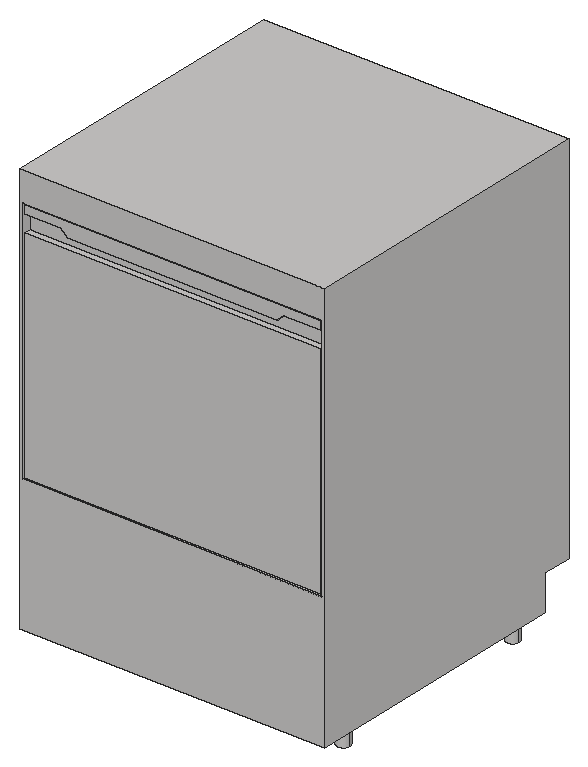
Revit family "QF_ELECTROLUXPROFESSIONAL_520486_EUC40GTL6", category Specialty Equipment, Revit 2018
Family settings
  Round Connector Dimension = Use Diameter
  Part Type = Normal
  Work Plane-Based = No
  Always vertical = Yes
  Cut with Voids When Loaded = No
  Shared = No
  Room Calculation Point = No
Parameters (values of type "Standard")
  Weight = 60.00 kg
  Watts = 0 W
  Volts = 400 V
  URL Manufacturer = "http://professional.electrolux.com"
  URL = "http://professional.electrolux.com"
  Steam Supply Size = 0 mm
  Steam Supply Minimum Pressure = 0.0 Pa
  Steam Supply Maximum Pressure = 0.0 Pa
  Steam Pounds per Hour = 0
  Show Logo [instance] = yes
  Show Clearance [instance] = yes
  Refrigeration Suction Line Size = 0 mm
  Refrigeration Liquid Line Size = 0 mm
  Refrigerant Compressor Remote = yes
  Manufacturer = "Electrolux Professional"
  Phase = 3
  Model = "EUC40GTL6"
  Length Actual = 600 mm  # constant formula
  Item Number = "520486"
  Hot Water Size = 19.05 mm
  Height Actual = 840 mm  # constant formula
  HP = "9.5 HP"
  Gas Size = 0 mm
  Gas KW = 0
  Gas Input Pressure = 0 W
  Direct Waste Size = 22 mm
  Description = "UNDERCOUNTER DW+DOUBLE S+DRAIN P+DET DISP,THERMAL LABEL,40R/H,400V,60Hz"
  Depth Actual = 600 mm  # constant formula
  Cycle = 60 Hz
  Condensate Return Size = 0 mm
  Compressed Air Volume = 0.0 L/s
  Compressed Air Size = 0 mm
  Compressed Air Pressure = 0.0 Pa
  Cold Water Size = 0 mm
  Accessory = yes
Types (2, lengths in mm): name | URL | Manufacturer | Phase | Model | Hot Water Size | Description
  (no name) | "http://professional.electrolux.com/" | 0 | 0 | 0 | 0 | 0
  Standard | "http://professional.electrolux.com" | "Electrolux Professional" | 3 | "EUC40GTL6" | 19.05 | "UNDERCOUNTER DW+DOUBLE S+DRAIN P+DET DISP,THERMAL LABEL,40R/H,400V,60Hz"
Values of the unnamed type that differ from the named types
  Volts = 0 V
  URL Manufacturer = ""
  Item Number = ""
  Cycle = 0 Hz
Reference planes
  plane 1 "Center (Front/Back)": y = 0
  plane 2: z = 0
  plane 3 "Center (Left/Right)": x = 0
  plane 4 "LEFT": x = -300
  plane 5 "RIGHT": x = 300
  plane 6 "FRONT": y = -300
  plane 7 "BACK": y = 300
  plane 8: x = -202.5
  plane 9: x = 202.5
  plane 10: z = 840
  plane 11: z = 30
Forms (mm)
  Extrusion 1, solid, material "QF_Finishes_Stainless Steel"
    sketch origin (0, 0, 0) x (1, 0, 0) y (0, 1, 0)
      loop
        line (-300, -300) -> (300, -300) -> (300, 242) -> (-300, 242) -> (-300, -300)
    from 30 to 840
  Extrusion 2, solid, material "QF_Finishes_Stainless Steel"
    sketch origin (0, 0, 0) x (1, 0, 0) y (0, 1, 0)
      loop
        line (-300, 242) -> (300, 242) -> (300, 300) -> (-300, 300) -> (-300, 242)
    from 100 to 840
  Extrusion 3, solid, material "QF_Finishes_Stainless Steel"
    sketch origin (0, 17.5, 0) x (1, 0, 0) y (0, 1, 0)
      loop
        circle (-280.5, 169.5) r 12.5
      loop
        circle (280.5, 169.5) r 12.5
      loop
        circle (-280.5, -247.5) r 12.5
      loop
        circle (280.5, -247.5) r 12.5
    from 0 to 30
  Extrusion 4, void
    sketch origin (-300, -300, 0) x (-1, 0, 0) y (0, 0, 1)
      loop
        line (-5, 783.217) -> (-595, 783.217) -> (-595, 295) -> (-5, 295) -> (-5, 783.217)
    from 0 to 30
  Extrusion 5, solid, material "QF_Finishes_Stainless Steel"
    sketch origin (-338, -392, 768) x (0, 0, -1) y (1, 0, 0)
      loop
        circle (693, 143) r 10
    from -634 to -692
  Extrusion 6, solid, material "QF_Door-Drawer Clearances", visible <- "Show Clearance", detail levels coarse
    sketch origin (-230, -282.5, 0) x (0, 1, 0) y (0, 0, -1)
      loop
        line (-17.5, -298.306) -> (-349.5, -298.306)
        arc (-349.5, -298.306) -> (-261.994, -593.254) -> (-17.5, -780) r 496.43
        line (-17.5, -780) -> (-17.5, -298.306)
    from 61.197 to -521.306
  Extrusion 7, solid, material "QF_Finishes_Stainless Steel"
    sketch origin (-257.481, -392, 738) x (0, 0, -1) y (1, 0, 0)
      loop
        circle (663, 252.481) r 8
    from -634 to -692
  Extrusion 8, solid, material "QF_Finishes_Stainless Steel"
    sketch origin (-230, -282.5, 0) x (0, 1, 0) y (0, 0, -1)
      loop
        line (-17.5, -298.306) -> (-17.5, -730) -> (-2.5, -730) -> (-2.5, -780) -> (7.5, -780) -> (7.5, -298.306) -> (-17.5, -298.306)
    from 61.197 to -521.306
  Extrusion 9, solid, material "QF_Finishes_Stainless Steel"
    sketch origin (-230, -282.5, 0) x (0, 1, 0) y (0, 0, -1)
      loop
        line (-2.5, -780) -> (-2.5, -777.514) -> (-15, -777.514) -> (-15, -751.25) -> (-17.5, -751.25) -> (-17.5, -780) -> (-2.5, -780)
    from 61.197 to -521.306
  Extrusion 10, void
    sketch origin (-230, -300, 780) x (0, 0, 1) y (1, 0, 0)
      loop
        line (-15.552, -61.197) -> (-15.552, 10.409) -> (-28.75, 23.607) -> (-28.75, -61.197) -> (-15.552, -61.197)
      loop
        line (-15.552, 521.306) -> (-28.75, 521.306) -> (-28.75, 436.502) -> (-15.552, 449.7) -> (-15.552, 521.306)
    from 0 to 2.5
  Extrusion 11, solid, material "QF_Finishes_Stainless Steel"
    sketch origin (-247, 934.79, 763.79) x (0, -1, 0) y (1, 0, 0)
      loop
        circle (663, 158) r 8
    from -663.79 to -673.79
Cuts and joins
  Extrusion 4 cuts Extrusion 1
  joined: Extrusion 1, Extrusion 2
  Extrusion 10 cuts Extrusion 8
  Extrusion 10 cuts Extrusion 9
Lines and regions (mm)
  Split face 1
    outline origin (-300, -300, 840) x (0, 0, -1) y (1, 0, 0)
      loop
        line (56.783, 5) -> (42.5, 5) -> (42.5, 67.5) -> (49.142, 74.142) -> (49.142, 525.858) -> (42.5, 532.5) -> (42.5, 595) -> (56.783, 595)
  Split face 2
    outline origin (-300, -300, 840) x (0, 0, -1) y (1, 0, 0)
      loop
        line (42.5, 5) -> (5, 5) -> (5, 595) -> (42.5, 595)
  Split face 3
    outline origin (-300, -300, 840) x (0, 0, -1) y (1, 0, 0)
      loop
        line (27.829, 193.044) -> (39.683, 193.044) -> (39.683, 218.044) -> (27.829, 218.044) -> (27.829, 193.044)
  Split face 4
    outline origin (-300, -300, 840) x (0, 0, -1) y (1, 0, 0)
      loop
        line (14.043, 193.044) -> (25.897, 193.044) -> (25.897, 218.044) -> (14.043, 218.044) -> (14.043, 193.044)
  symbolic lines
    curve 1: line (-300, 300, 0) -> (300, 300, 0)
    curve 2: line (-300, -300, 0) -> (-300, 300, 0)
    curve 3: line (300, -300, 0) -> (-300, -300, 0)
    curve 4: line (300, 300, 0) -> (300, -300, 0)
  symbolic lines, style "QF_Door-Drawer Clearances"
    curve 5: line (-291.197, -632, 0) -> (291.306, -632, 0)
    curve 6: line (291.306, -632, 0) -> (291.306, -300, 0)
    curve 7: line (-291.197, -632, 0) -> (-291.197, -300, 0)
  symbolic lines, style "SpecialityEquipmentHiddenLines"
    curve 8: line (-300, 242, 0) -> (300, 242, 0)
Dimensions and locks
  equal spacing: plane 4 "LEFT", plane 3 "Center (Left/Right)", plane 5 "RIGHT"
  equal spacing: plane 7 "BACK", plane 1 "Center (Front/Back)", plane 6 "FRONT"
  plane 7 "BACK" to plane 6 "FRONT" = 600 mm
  plane 4 "LEFT" to plane 5 "RIGHT" = 600 mm
  plane 4 "LEFT" to plane 8 = 97.5 mm
  plane 9 to plane 5 "RIGHT" = 97.5 mm
  locked: plane 11 to level at 30
  plane 4 "LEFT" to plane 3 "Center (Left/Right)" = 300 mm
  plane 10 to level = 840 mm  (x2)
  plane 8 to plane 9 = 405 mm
  Extrusion 11 sketch curve to plane 4 "LEFT" = 211 mm
  level to Extrusion 5 sketch curve = 75 mm
  Extrusion 5 sketch curve to plane 4 "LEFT" = 105 mm
  Extrusion 7 sketch curve to plane 4 "LEFT" = 295 mm
  level to Extrusion 7 sketch curve = 75 mm
  Extrusion 3 to cut or joined group of Extrusion 1, Extrusion 2, Extrusion 4 = 113 mm
  Extrusion 3 to Extrusion 3 = 417 mm
  plane 6 "FRONT" to Extrusion 3 = 70 mm
  plane 9 to plane 8 = 405 mm
  plane 7 "BACK" to curve 5 = 932 mm
  cut or joined group of Extrusion 8, Extrusion 10 to cut or joined group of Extrusion 1, Extrusion 2, Extrusion 4 = 435 mm
  aligned and locked: level to plane 2
  aligned and locked: Extrusion 1 sketch curve to plane 6 "FRONT"
  aligned and locked: Extrusion 1 sketch curve to plane 4 "LEFT"
  aligned and locked: plane 5 "RIGHT" to Extrusion 1 sketch curve
  aligned and locked: Extrusion 1 to plane 11
  aligned and locked: Extrusion 2 sketch curve to Extrusion 1  (x2)
  aligned and locked: plane 5 "RIGHT" to Extrusion 2 sketch curve
  aligned and locked: plane 11 to Extrusion 3
  aligned and locked: cut or joined group of Extrusion 9, Extrusion 10 to Extrusion 10
  aligned and locked: plane 7 "BACK" to Extrusion 2
Automatic sketch dimensions
  Extrusion 1 sketch curve to plane 7 "BACK" = 58 mm
  Extrusion 3 sketch curve to plane 8 = 78 mm  (x2)
  plane 9 to Extrusion 3 sketch curve = 78 mm  (x2)
  plane 6 "FRONT" to Extrusion 3 sketch curve = 70 mm  (x2)
  Extrusion 3 sketch curve to plane 7 "BACK" = 113 mm  (x2)
  Extrusion 4 sketch curve to Extrusion 1 = 5 mm  (x2)
  Extrusion 4 sketch curve to Extrusion 1 = 265 mm
  Extrusion 4 sketch curve to Extrusion 1 = 56.783 mm
  Extrusion 8 sketch curve to plane 6 "FRONT" = 0 mm
  plane 6 "FRONT" to Extrusion 8 sketch curve = 15 mm
  Extrusion 8 sketch curve to Extrusion 8 sketch curve = 25 mm
  Extrusion 8 sketch curve to plane 10 = 60 mm
  Extrusion 8 sketch curve to Extrusion 8 sketch curve = 50 mm
  Extrusion 8 sketch curve to Extrusion 8 sketch curve = 431.694 mm
  Extrusion 9 sketch curve to plane 6 "FRONT" = 0 mm
  Extrusion 9 sketch curve to Extrusion 9 sketch curve = 2.5 mm
  Extrusion 9 sketch curve to Extrusion 9 sketch curve = 12.5 mm
  Extrusion 9 sketch curve to plane 10 = 60 mm
  Extrusion 9 sketch curve to Extrusion 9 sketch curve = 2.486 mm
  Extrusion 9 sketch curve to Extrusion 9 sketch curve = 26.264 mm
  Extrusion 10 sketch curve to Extrusion 9 = 0 mm  (x3)
  Extrusion 9 to Extrusion 10 sketch curve = 0 mm
  Extrusion 10 sketch curve to Extrusion 9 = 13.198 mm  (x2)
  Extrusion 10 sketch curve to Extrusion 9 = 71.607 mm
  Extrusion 10 sketch curve to Extrusion 10 sketch curve = 13.198 mm  (x2)
  Extrusion 10 sketch curve to Extrusion 9 = 84.804 mm
  Split face 1 sketch curve to cut or joined group of Extrusion 1, Extrusion 2, Extrusion 4 = 0 mm  (x4)
  cut or joined group of Extrusion 1, Extrusion 2, Extrusion 4 to Split face 1 sketch curve = 7.641 mm
  Split face 1 sketch curve to Split face 1 sketch curve = 6.642 mm  (x4)
  Split face 1 sketch curve to Split face 1 sketch curve = 62.5 mm
  Split face 1 sketch curve to cut or joined group of Extrusion 1, Extrusion 2, Extrusion 4 = 69.142 mm
  Split face 2 sketch curve to cut or joined group of Extrusion 1, Extrusion 2, Extrusion 4 = 0 mm  (x2)
  Split face 2 sketch curve to cut or joined group of Extrusion 1, Extrusion 2, Extrusion 4 = 5 mm
  cut or joined group of Extrusion 1, Extrusion 2, Extrusion 4 to Split face 2 sketch curve = 14.283 mm  (x2)
  Extrusion 2 sketch curve to Extrusion 2 sketch curve = 58 mm
  curve 8 to plane 4 "LEFT" = 0 mm
  curve 7 to plane 6 "FRONT" = 0 mm
  curve 4 to plane 5 "RIGHT" = 0 mm
  curve 2 to plane 7 "BACK" = 0 mm
  plane 4 "LEFT" to curve 7 = 8.803 mm
  curve 5 to plane 5 "RIGHT" = 8.694 mm
  curve 8 to plane 7 "BACK" = 58 mm
  Split face 3 sketch curve to cut or joined group of Extrusion 1, Extrusion 2, Extrusion 4 = 27.829 mm
  Split face 3 sketch curve to Split face 3 sketch curve = 11.854 mm
  Split face 3 sketch curve to cut or joined group of Extrusion 1, Extrusion 2, Extrusion 4 = 188.044 mm
  Split face 3 sketch curve to Split face 3 sketch curve = 25 mm
  Split face 4 sketch curve to cut or joined group of Extrusion 1, Extrusion 2, Extrusion 4 = 14.043 mm
  Split face 4 sketch curve to Split face 4 sketch curve = 11.854 mm
  Split face 4 sketch curve to cut or joined group of Extrusion 1, Extrusion 2, Extrusion 4 = 188.044 mm
  Split face 4 sketch curve to Split face 4 sketch curve = 25 mm
  Extrusion 11 sketch curve to plane 7 "BACK" = 28.21 mm
  Extrusion 6 sketch curve to plane 6 "FRONT" = 0 mm
  plane 1 "Center (Front/Back)" to Extrusion 6 sketch curve = 135.747 mm
  plane 11 to Extrusion 6 sketch curve = 281.531 mm
  Extrusion 6 sketch curve to Extrusion 6 sketch curve = 13.225 mm
  Extrusion 6 sketch curve to plane 6 "FRONT" = 332 mm
  radius of Extrusion 5 sketch curve = 10 mm
  radius of Extrusion 7 sketch curve = 8 mm
  radius of Extrusion 11 sketch curve = 8 mm
  radius of Extrusion 3 sketch curve = 12.5 mm  (x4)
Connectors
  piping at (-195, 300, 75), diameter 20
    settings: on Extrusion 5, index 1, connector inside diameter 609.6 mm, connector length 0 mm, flow factor 0, pipe flow 0.0 L/s, pressure drop 0.0 Pa, fitting loss kfactor 0, connector angle 0.00°, fixture units 0, engagement length 0 mm, angle of deflection 0.00°, flow configuration 1, flow direction 1, fitting loss method 0, system type 16, joint type 0, gender type 0, connector reference index -1, connector utility 0, adjustable connector no, is connector primary yes, connector description "Drain"
  piping at (-5, 300, 75), diameter 16
    settings: on Extrusion 7, index 3, connector inside diameter 609.6 mm, connector length 0 mm, flow factor 0, pipe flow 0.0 L/s, pressure drop 0.0 Pa, fitting loss kfactor 0, connector angle 0.00°, fixture units 0, engagement length 0 mm, angle of deflection 0.00°, flow configuration 1, flow direction 1, fitting loss method 0, system type 20, joint type 0, gender type 0, connector reference index -1, connector utility 0, adjustable connector no, is connector primary no, connector description "Cold Water Inlet"
  electrical at (-89, 271.79, 90), driven by "Volts"
    settings: on Extrusion 11, index 4, voltage 400 V, apparent load 0 VA, apparent load phase1 0 VA, apparent load phase2 0 VA, apparent load phase3 0 VA, power factor 1, load classification "Altro", number of poles 1, system type 31, power factor state 1, is connector primary yes, connector utility no, sub classification motor no, connector description "Electrical Connection"
